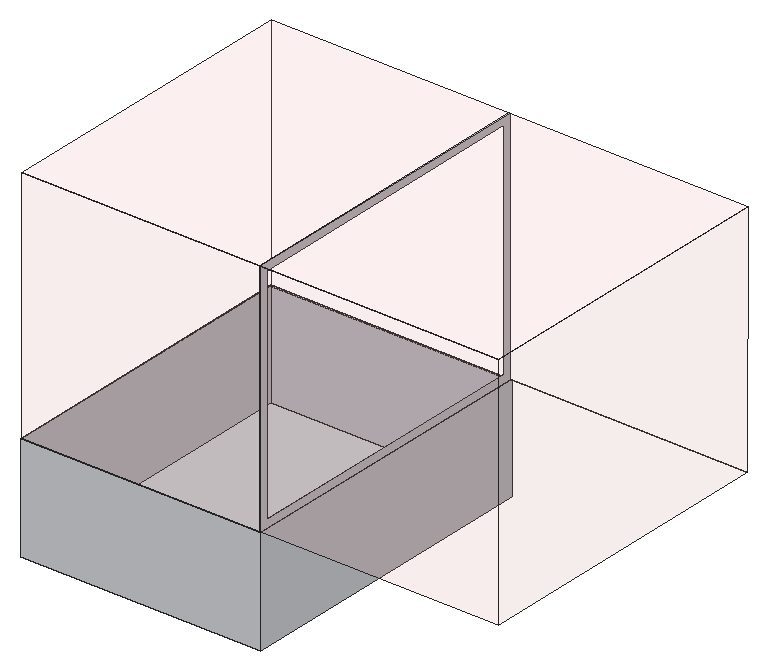
Revit family "Hager-PEDRO-Surface_mounted-IP66-With_Cover-With_DIN-Hosted-IT-it", category Electrical Equipment, host Face, Revit 2023
Family settings
  Host = Face
  Panel Configuration = Two Columns, Circuits Across
  Round Connector Dimension = Use Diameter
  Part Type = Panelboard
  Cut with Voids When Loaded = No
  Maintain Annotation Orientation = Yes
  Shared = No
  Room Calculation Point = No
Parameters (values of type "PEDRO-Surface_mounted_W810_H1056_D355_38_Modular_Spacing-B04727")
  Width Control [instance] = if([HG000006-Flush mounted-it], if([EF000846 - Larghezza di montaggio] > min_whd, [EF000846 - Larghezza di montaggio], min_whd), if([EF000008 - Larghezza] > min_whd, ([EF000008 - Larghezza]), min_whd))  # 810 mm
  Void Depth [instance] = if([HG000006-Flush mounted-it], Depth Control, 1 mm)  # 1 mm
  Uniformat code = "D501001"
  Uniformat = "Low Tension Service & Dist."
  HGEF0002950-Numero moduli DIN = 38
  HGEF000266-Numero di file = 5
  HG000131 - Functional label [instance] = ""
  HG000130 - Functional name [instance] = ""
  Type Comments = ""
  System Height [instance] = Height Control - 2 * [HG000005-Thickness-it]  # 1052 mm
  Reference description = ""
  Reference = "PEDRO-Surface_mounted_W810_H1056_D355_38_Modular_Spacing-B04727"
  Object type = ""
  Name hager = "ADD_Enclosures_EC000214"
  Name BIM&CO = "Electricity"
  Name = "Hager-PEDRO-Surface_mounted-IP66-With_Cover-With_DIN-NoHosted-IT-it"
  Model = ""
  HG000099-Onfly Template ID-it-IT = "507532"
  HG000060-RAL-number = "7035"
  HG000059-Operating voltage-it-IT [instance] = 230 V
  HG000017-Distance between poles-it = 18 mm
  HG000016-Door 3D visibility-it = yes
  HG000015-Clearance visibility-it = yes
  HG000014-Door on the right-it = yes
  HG000013-Door on the left-it = no
  HG000012-Door swing angle-it = 90.00°
  HG000011-Empty rows from bottom-it = no
  HG000010-Asymmetric doors-it = no
  HG000009-Double swing door-it = no
  HG000008-Number of empty rows-it = 0
  HG000007-Number of empty columns-it = 0
  HG000006-Flush mounted-it = no
  HG000005-Thickness-it = 2 mm
  HG000004-Manufacturer reference-it = "B04727"
  HG000003-Range-it = "PEDRO"
  HG000002-with door or cover-it = yes
  HG000001 - Numero di colonne = 0
  GTIN (Global Trade Item Number) = ""
  ETIM class name = "Small distribution board"
  ETIM class code = "EC000214"
  EF015941 - Segnale di passaggio porta = no
  EF015777 - Morsettiera neutra = no
  EF015776 - Morsettiera di terra = no
  EF009212 - Esecuzione coperchio = "Chiuso"
  EF006306 - Con serratura = yes
  EF006244 - Coperchio/porta trasparente = yes
  EF005474 - Grado di protezione (IP) = "IP66"
  EF004464 - Tipo di porta = ""
  EF004462 - Tipo di chiusura = "Altro"
  EF002950 - Numero moduli DIN = 38
  EF001596 - Materiale del corpo = ""
  EF001134 - Barra DIN = yes
  EF001131 - Profondità interna = 0 mm
  EF001088 - Possibilità di applicazione = yes
  EF001062 - Esecuzione EMC = yes
  EF000846 - Larghezza di montaggio = 0 mm
  EF000339 - Tipo di copertura = ""
  EF000332 - Altezza della parte incassata = 0 mm
  EF000266 - Numero di file = 5
  EF000218 - Profondità di incasso = 0 mm
  EF000118 - Con piastra di montaggio = no
  EF000116 - Numero RAL = 7035
  EF000049 - Profondità = 355 mm
  EF000040 - Altezza = 1056 mm
  EF000024 - Resistente ai raggi UV = no
  EF000008 - Larghezza = 810 mm
  EF000007 - Colore = "Grigio"
  EF000003 - Tipo di montaggio = "A parete"
  Creation Date = "12/15/2025 11:45:59"
  Code hager = "ADD-EC000214_EU"
  BIM&CO code = ""
  BC_VARIANT_ID = "1169500"
  BC_OBJECT_VERSION = "#6"  # constant formula
  BC_OBJECT_ID = "512275"  # constant formula
  BC_MODEL_ID = "1539150"  # constant formula
  Arrow Offset [instance] = Depth Control / 8  # 44.375 mm
  Arrow Height [instance] = Depth Control - Arrow Offset  # 310.625 mm
  Host Offset [instance] = if([HG000006-Flush mounted-it], 0 mm, [EF000049 - Profondità])  # 355 mm
  min_whd [instance] = (2 * [HG000005-Thickness-it]) + 1 mm  # 5 mm
  Manufacturer = "Hager"  # constant formula
  Height Control [instance] = if([HG000006-Flush mounted-it], if([EF000332 - Altezza della parte incassata] > min_whd, [EF000332 - Altezza della parte incassata], min_whd), if([EF000040 - Altezza] > min_whd, ([EF000040 - Altezza]), min_whd))  # 1056 mm
  Flush Mounted - Door Frame Width [instance] = if(([EF000040 - Altezza] - [EF000332 - Altezza della parte incassata]) > 0 mm, if([HG000006-Flush mounted-it], [EF000040 - Altezza] - [EF000332 - Altezza della parte incassata], 0 mm), 0 mm)  # 0 mm
  Depth Control [instance] = if([HG000006-Flush mounted-it], if([EF000218 - Profondità di incasso] > 0 mm, [EF000218 - Profondità di incasso], 1 mm), if([EF000049 - Profondità] > 0 mm, ([EF000049 - Profondità]), 1 mm))  # 355 mm
  Default Elevation = 0 mm
Types (26, lengths in mm): name | Width Control | HGEF0002950-Numero moduli DIN | HGEF000266-Numero di file | System Height | Reference | HG000004-Manufacturer reference-it | HG000001 - Numero di colonne | EF006244 - Coperchio/porta trasparente | EF002950 - Numero moduli DIN | EF000266 - Numero di file | EF000049 - Profondità | EF000040 - Altezza | EF000008 - Larghezza | BC_VARIANT_ID | Arrow Offset | Arrow Height | Host Offset | Height Control | Depth Control
  PEDRO-Surface_mounted_W265_H303_D167_0_Modular_Spacing-B04601 | 265 | 0 | 0 | 299 | "PEDRO-Surface_mounted_W265_H303_D167_0_Modular_Spacing-B04601" | "B04601" | 0 | no | 0 | 0 | 167 | 303 | 265 | "1169454" | 20.875 | 146.125 | 167 | 303 | 167
  PEDRO-Surface_mounted_W325_H428_D178_12_Modular_Spacing-B04602 | 325 | 12 | 3 | 424 | "PEDRO-Surface_mounted_W325_H428_D178_12_Modular_Spacing-B04602" | "B04602" | 1 | no | 12 | 3 | 178 | 428 | 325 | "1169455" | 22.25 | 155.75 | 178 | 428 | 178
  PEDRO-Surface_mounted_W433.5_H504_D210_18_Modular_Spacing-B04603 | 433.5 | 18 | 3 | 500 | "PEDRO-Surface_mounted_W433.5_H504_D210_18_Modular_Spacing-B04603" | "B04603" | 1 | no | 18 | 3 | 210 | 504 | 433.5 | "1169457" | 26.25 | 183.75 | 210 | 504 | 210
  PEDRO-Surface_mounted_W433.5_H654_D210_18_Modular_Spacing-B04604 | 433.5 | 18 | 4 | 650 | "PEDRO-Surface_mounted_W433.5_H654_D210_18_Modular_Spacing-B04604" | "B04604" | 1 | no | 18 | 4 | 210 | 654 | 433.5 | "1169459" | 26.25 | 183.75 | 210 | 654 | 210
  PEDRO-Surface_mounted_W543_H654_D265_24_Modular_Spacing-B04605 | 543 | 24 | 4 | 650 | "PEDRO-Surface_mounted_W543_H654_D265_24_Modular_Spacing-B04605" | "B04605" | 1 | no | 24 | 4 | 265 | 654 | 543 | "1169461" | 33.125 | 231.875 | 265 | 654 | 265
  PEDRO-Surface_mounted_W615.4_H806_D318.7_28_Modular_Spacing-B04606 | 615.4 | 28 | 5 | 802 | "PEDRO-Surface_mounted_W615.4_H806_D318.7_28_Modular_Spacing-B04606" | "B04606" | 1 | no | 28 | 5 | 318.7 | 806 | 615.4 | "1169462" | 39.837 | 278.862 | 318.7 | 806 | 318.7
  PEDRO-Surface_mounted_W810_H1056_D355_38_Modular_Spacing-B04608 | 810 | 38 | 5 | 1052 | "PEDRO-Surface_mounted_W810_H1056_D355_38_Modular_Spacing-B04608" | "B04608" | 1 | no | 38 | 5 | 355 | 1056 | 810 | "1169464" | 44.375 | 310.625 | 355 | 1056 | 355
  PEDRO-Surface_mounted_W265_H303_D167_0_Modular_Spacing-B04621 | 265 | 0 | 0 | 299 | "PEDRO-Surface_mounted_W265_H303_D167_0_Modular_Spacing-B04621" | "B04621" | 0 | yes | 0 | 0 | 167 | 303 | 265 | "1169465" | 20.875 | 146.125 | 167 | 303 | 167
  PEDRO-Surface_mounted_W325_H428_D183_12_Modular_Spacing-B04622 | 325 | 12 | 3 | 424 | "PEDRO-Surface_mounted_W325_H428_D183_12_Modular_Spacing-B04622" | "B04622" | 1 | yes | 12 | 3 | 183 | 428 | 325 | "1169466" | 22.875 | 160.125 | 183 | 428 | 183
  PEDRO-Surface_mounted_W434_H504_D210_18_Modular_Spacing-B04623 | 434 | 18 | 3 | 500 | "PEDRO-Surface_mounted_W434_H504_D210_18_Modular_Spacing-B04623" | "B04623" | 1 | yes | 18 | 3 | 210 | 504 | 434 | "1169468" | 26.25 | 183.75 | 210 | 504 | 210
  PEDRO-Surface_mounted_W434_H654_D210_18_Modular_Spacing-B04624 | 434 | 18 | 4 | 650 | "PEDRO-Surface_mounted_W434_H654_D210_18_Modular_Spacing-B04624" | "B04624" | 1 | yes | 18 | 4 | 210 | 654 | 434 | "1169470" | 26.25 | 183.75 | 210 | 654 | 210
  PEDRO-Surface_mounted_W543_H654_D265_24_Modular_Spacing-B04625 | 543 | 24 | 4 | 650 | "PEDRO-Surface_mounted_W543_H654_D265_24_Modular_Spacing-B04625" | "B04625" | 1 | yes | 24 | 4 | 265 | 654 | 543 | "1169471" | 33.125 | 231.875 | 265 | 654 | 265
  PEDRO-Surface_mounted_W616_H806_D319_28_Modular_Spacing-B04626 | 616 | 28 | 5 | 802 | "PEDRO-Surface_mounted_W616_H806_D319_28_Modular_Spacing-B04626" | "B04626" | 1 | yes | 28 | 5 | 319 | 806 | 616 | "1169473" | 39.875 | 279.125 | 319 | 806 | 319
  PEDRO-Surface_mounted_W810_H1056_D355_38_Modular_Spacing-B04628 | 810 | 38 | 5 | 1052 | "PEDRO-Surface_mounted_W810_H1056_D355_38_Modular_Spacing-B04628" | "B04628" | 1 | yes | 38 | 5 | 355 | 1056 | 810 | "1169476" | 44.375 | 310.625 | 355 | 1056 | 355
  PEDRO-Surface_mounted_W325_H428_D183_12_Modular_Spacing-B04712 | 325 | 12 | 3 | 424 | "PEDRO-Surface_mounted_W325_H428_D183_12_Modular_Spacing-B04712" | "B04712" | 1 | no | 12 | 3 | 183 | 428 | 325 | "1169478" | 22.875 | 160.125 | 183 | 428 | 183
  PEDRO-Surface_mounted_W434_H504_D210_18_Modular_Spacing-B04713 | 434 | 18 | 3 | 500 | "PEDRO-Surface_mounted_W434_H504_D210_18_Modular_Spacing-B04713" | "B04713" | 0 | no | 18 | 3 | 210 | 504 | 434 | "1169480" | 26.25 | 183.75 | 210 | 504 | 210
  PEDRO-Surface_mounted_W434_H650_D210_18_Modular_Spacing-B04714 | 434 | 18 | 4 | 646 | "PEDRO-Surface_mounted_W434_H650_D210_18_Modular_Spacing-B04714" | "B04714" | 0 | no | 18 | 4 | 210 | 650 | 434 | "1169482" | 26.25 | 183.75 | 210 | 650 | 210
  PEDRO-Surface_mounted_W543_H654_D265_24_Modular_Spacing-B04715 | 543 | 24 | 4 | 650 | "PEDRO-Surface_mounted_W543_H654_D265_24_Modular_Spacing-B04715" | "B04715" | 0 | no | 24 | 4 | 265 | 654 | 543 | "1169484" | 33.125 | 231.875 | 265 | 654 | 265
  PEDRO-Surface_mounted_W616_H806_D319_28_Modular_Spacing-B04716 | 616 | 28 | 5 | 802 | "PEDRO-Surface_mounted_W616_H806_D319_28_Modular_Spacing-B04716" | "B04716" | 0 | no | 28 | 5 | 319 | 806 | 616 | "1169486" | 39.875 | 279.125 | 319 | 806 | 319
  PEDRO-Surface_mounted_W810_H1056_D355_38_Modular_Spacing-B04717 | 810 | 38 | 5 | 1052 | "PEDRO-Surface_mounted_W810_H1056_D355_38_Modular_Spacing-B04717" | "B04717" | 0 | no | 38 | 5 | 355 | 1056 | 810 | "1169488" | 44.375 | 310.625 | 355 | 1056 | 355
  PEDRO-Surface_mounted_W325_H428_D183_12_Modular_Spacing-B04722 | 325 | 12 | 3 | 424 | "PEDRO-Surface_mounted_W325_H428_D183_12_Modular_Spacing-B04722" | "B04722" | 1 | yes | 12 | 3 | 183 | 428 | 325 | "1169490" | 22.875 | 160.125 | 183 | 428 | 183
  PEDRO-Surface_mounted_W434_H504_D210_18_Modular_Spacing-B04723 | 434 | 18 | 3 | 500 | "PEDRO-Surface_mounted_W434_H504_D210_18_Modular_Spacing-B04723" | "B04723" | 0 | yes | 18 | 3 | 210 | 504 | 434 | "1169492" | 26.25 | 183.75 | 210 | 504 | 210
  PEDRO-Surface_mounted_W434_H654_D210_18_Modular_Spacing-B04724 | 434 | 18 | 4 | 650 | "PEDRO-Surface_mounted_W434_H654_D210_18_Modular_Spacing-B04724" | "B04724" | 0 | yes | 18 | 4 | 210 | 654 | 434 | "1169494" | 26.25 | 183.75 | 210 | 654 | 210
  PEDRO-Surface_mounted_W543_H654_D265_24_Modular_Spacing-B04725 | 543 | 24 | 4 | 650 | "PEDRO-Surface_mounted_W543_H654_D265_24_Modular_Spacing-B04725" | "B04725" | 0 | yes | 24 | 4 | 265 | 654 | 543 | "1169496" | 33.125 | 231.875 | 265 | 654 | 265
  PEDRO-Surface_mounted_W616_H806_D319_28_Modular_Spacing-B04726 | 616 | 28 | 5 | 802 | "PEDRO-Surface_mounted_W616_H806_D319_28_Modular_Spacing-B04726" | "B04726" | 0 | yes | 28 | 5 | 319 | 806 | 616 | "1169498" | 39.875 | 279.125 | 319 | 806 | 319
  PEDRO-Surface_mounted_W810_H1056_D355_38_Modular_Spacing-B04727 | 810 | 38 | 5 | 1052 | "PEDRO-Surface_mounted_W810_H1056_D355_38_Modular_Spacing-B04727" | "B04727" | 0 | yes | 38 | 5 | 355 | 1056 | 810 | "1169500" | 44.375 | 310.625 | 355 | 1056 | 355
Reference planes
  plane 1 "Center (Front/Back)": y = 0
  plane 2: z = 0
  plane 3 "Center (Left/Right)": x = 0
  plane 4: z = 355
  plane 5: y = 2
  plane 6: z = 350
  plane 7: y = 528
  plane 8: y = 0
  plane 9: y = 1056
  plane 10: z = 0
  plane 11: x = -405
  plane 12: x = 405
  plane 13: x = 403
  plane 14: x = -403
  plane 15: y = 1054
  plane 16: z = 2
  plane 17: z = 353
  plane 18: z = -1
  plane 19: z = 353
  plane 20 "Annotation H": y = -100
  plane 21 "Annotation V": x = 705
Forms (mm)
  Extrusion 1, solid
    sketch origin (-583.045, 0, 1219.2) x (-1, 0, 0) y (0, 0, 1)
      loop
        line (-178.045, -864.2) -> (-988.045, -864.2) -> (-988.045, -1219.2) -> (-178.045, -1219.2) -> (-178.045, -864.2)
    from 0 to 1056 <- "Height Control"
  Extrusion 2, void
    sketch origin (-381.607, -4572, 355) x (0, -1, 0) y (-1, 0, 0)
      loop
        line (-5626, 21.393) -> (-5626, -784.607) -> (-4574, -784.607) -> (-4574, 21.393) -> (-5626, 21.393)
    from 0 to 353
  Extrusion 3, void
    sketch origin (0, 0, 0) x (1, 0, 0) y (0, 1, 0)
      loop
        line (-405, 0) -> (405, 0) -> (405, 1056) -> (-405, 1056) -> (-405, 0)
    from -1 to 1
  Extrusion 4, solid, detail levels coarse+medium
    sketch origin (-381.607, -4572, 355) x (-1, 0, 0) y (0, -1, 0)
      loop
        line (21.393, -5626) -> (21.393, -4574) -> (-784.607, -4574) -> (-784.607, -5626) -> (21.393, -5626)
    from 0 to -2
Cuts and joins
  Extrusion 2 cuts Extrusion 1
Dimensions and locks
  plane 4 to plane 6 = 5 mm
  "Host Offset": plane 4 to host face
  "Flush Mounted - Door Frame Width": plane 1 "Center (Front/Back)" to plane 8
  "HG000005-Thickness-it": plane 5 to plane 8
  locked: connector elem to plane 3 "Center (Left/Right)"
  "Height Control": plane 9 to plane 8
  equal spacing: plane 9, plane 7, plane 8
  locked: connector elem to plane 7
  "Depth Control": plane 4 to plane 10
  "HG000005-Thickness-it": plane 11 to plane 14
  "HG000005-Thickness-it": plane 12 to plane 13
  equal spacing: plane 11, plane 3 "Center (Left/Right)", plane 12
  "Width Control": plane 11 to plane 12
  "Arrow Offset": nested 4 to plane 10
  "HG000005-Thickness-it": plane 9 to plane 15
  "HG000005-Thickness-it": plane 16 to plane 10
  "HG000005-Thickness-it": plane 4 to plane 17
  "Void Depth": plane 2 to plane 18
  "HG000005-Thickness-it": plane 4 to plane 19
  locked: plane 20 "Annotation H" to plane 1 "Center (Front/Back)" at 100
  locked: plane 12 to plane 21 "Annotation V" at 300
  aligned and locked: plane 2 to host face
  aligned and locked: level to host face
  aligned and locked: plane 3 "Center (Left/Right)" to nested 2
  aligned and locked: nested 2 to plane 4
  aligned and locked: nested 2 to plane 8
  aligned and locked: nested 1 to plane 6
  aligned and locked: nested 1 to plane 5
  aligned and locked: nested 4 to plane 11
  aligned and locked: nested 3 to plane 4
  aligned and locked: Extrusion 1 sketch curve to plane 12
  aligned and locked: Extrusion 1 sketch curve to plane 11
  aligned and locked: nested 3 to plane 10
  aligned and locked: plane 10 to Extrusion 1 sketch curve
  aligned and locked: Extrusion 2 sketch curve to plane 5
  aligned and locked: Extrusion 2 sketch curve to plane 15
  aligned and locked: Extrusion 2 sketch curve to plane 14
  aligned and locked: Extrusion 2 sketch curve to plane 13
  aligned and locked: plane 11 to Extrusion 3 sketch curve
  aligned and locked: plane 9 to Extrusion 3 sketch curve
  aligned and locked: Extrusion 3 sketch curve to plane 8
  aligned and locked: plane 12 to Extrusion 3 sketch curve
  aligned and locked: nested 3 to plane 12
  aligned and locked: Extrusion 3 to plane 18
  aligned and locked: Extrusion 2 to plane 16
  aligned and locked: Extrusion 1 sketch curve to plane 4
  aligned and locked: Extrusion 4 to plane 17
  aligned and locked: Extrusion 4 sketch curve to plane 15
  aligned and locked: Extrusion 4 sketch curve to plane 13
  aligned and locked: Extrusion 4 sketch curve to plane 14
  aligned and locked: Extrusion 4 sketch curve to plane 5
  aligned and locked: nested 5 to plane 21 "Annotation V"
  aligned and locked: plane 20 "Annotation H" to nested 5
Automatic sketch dimensions
  host sketch curve to host sketch curve = 1469.727 mm
  host sketch curve to host sketch curve = 1434.803 mm
Nested families
  nested 1: "Hager_Enclosure_System" at (0, 2, 350) x (1, 0, 0) z (0, 1, 0), Height <- "System Height", Width_Control <- "Width Control", Built-in_Width <- "EF000846 - Larghezza di montaggio", Width <- "EF000008 - Larghezza", Depth <- "HG000005-Thickness-it", Border <- "HG000005-Thickness-it", Distance_Between_Poles <- "HG000017-Distance between poles-it", Flush_Mounted <- "HG000006-Flush mounted-it", Empty_Columns <- "HG000007-Number of empty columns-it", Total_No_Empty_Rows <- "HG000008-Number of empty rows-it", Empty_Rows_From_Bottom <- "HG000011-Empty rows from bottom-it", Columns_Count <- "HG000001 - Numero di colonne", Rows_Count <- "HGEF000266-Numero di file", Row_Module_Multiplicator <- "HGEF0002950-Numero moduli DIN", type "Hager_Enclosure_System", detail levels fine
    with Width_Control 810 mm, Width 810 mm, Total_No_Rows 5, Total_No_Empty_Rows 0, Total_No_Columns 1, System_Width 806 mm, Rows_Count 5, Rows_Column 5, Row_Module_Multiplicator 38, Panel_4 no, Panel_3 no, Panel_2 no, Panel_1 no, No_Panels_Ctrl 1, Hide_Columns yes, Height 1052 mm, Flush_Mounted no, Empty_Rows_From_Bottom no, Empty_Rows_Column 0, Empty_Columns 0, Empty column 4 0, Empty column 3 0, Empty column 2 0, Empty column 1 0, Distance_Between_Poles 18 mm, Depth 2 mm, Columns_Count 0, Column_Width 806 mm, Built-in_Width 0 mm, Border 2 mm
  nested 2: "Hager_Enclosure_Door" at (0, 0, 355) x (1, 0, 0) z (0, 1, 0), Height_Ctrl <- "Height Control", Width_Ctrl <- "Width Control", BuiltIn_Depth <- "EF000218 - Profondità di incasso", Depth <- "EF000049 - Profondità", BuiltIn_Width <- "EF000846 - Larghezza di montaggio", Height <- "EF000040 - Altezza", BuiltIn_Height <- "EF000332 - Altezza della parte incassata", Width <- "EF000008 - Larghezza", Transparent <- "EF006244 - Coperchio/porta trasparente", Border <- "HG000005-Thickness-it", Door <- "HG000002-with door or cover-it", Flush_Mounted <- "HG000006-Flush mounted-it", Double <- "HG000009-Double swing door-it", Assymetrical <- "HG000010-Asymmetric doors-it", Angle <- "HG000012-Door swing angle-it", Door_Left <- "HG000013-Door on the left-it", Door_Right <- "HG000014-Door on the right-it", Clearance <- "HG000015-Clearance visibility-it", 3d_Door <- "HG000016-Door 3D visibility-it", type "Hager_Enclosure_Door", detail levels medium+fine
    with min_wh 5 mm, Width_Ctrl 810 mm, Width 810 mm, Transparent_Door_No_Bottom_Border no, Transparent yes, Leaf_Width 803 mm, Leaf_Tolerance 1.5 mm, Leaf_Height 1049 mm, Leaf_2_Width 803 mm, Leaf_2_Offset 401.5 mm, Leaf_1_Width 803 mm, Leaf_1_Offset 401.5 mm, Height_Ctrl 1056 mm, Height 1056 mm, Frame_Width_Ctrl 810 mm, Frame_Width 810 mm, Frame_Internal_Offset 0 mm, Frame_Height_Ctrl 1056 mm, Frame_Height 1056 mm, Frame_Depth_Ctrl 1 mm, Frame_Depth 0 mm, Flush_Mounted no, Double_Clearance_Ctrl no, Double no, Door_Right_Ctrl yes, Door_Right yes, Door_Left_Ctrl no, Door_Left no, Door yes, Depth 355 mm, Clearance_Depth 803 mm, Clearance_Ctrl yes, Clearance yes, BuiltIn_Width 0 mm, BuiltIn_Height 0 mm, BuiltIn_Depth 0 mm, Border 2 mm, Assymetrical no, Angle 90.00°, 3d_Door yes
  nested 3: "Hager_Enclosure_Symbol_Triangle" at (-405, 0, 0) x (1, 0, 0) z (0, -1, 0), Depth <- "Depth Control", Width <- "Width Control", type "Hager_Enclosure_Symbol_Triangle"
    with Width_Ctrl 810 mm, Width 810 mm, Depth_Ctrl 355 mm, Depth 355 mm
  nested 4: "Hager_Enclosure_Symbol_Arrow" at (-405, 0, 44.375) x (1, 0, 0) z (0, -1, 0), Height <- "Arrow Height", type "Hager_Enclosure_Symbol_Arrow"
    with Width_Inside 23.297 mm, Width 279.563 mm, Height_Ctrl 310.625 mm, Height 310.625 mm
  nested 5: "Hager_Annotation-HG000130" at (705, -100, 0) x (-1, 0, 0) z (0, 0, 1), HG000130 - Functional name <- "HG000130 - Functional name", type "Hager_Annotation-HG000130"
    with HG000130 - Functional name ""
Connectors
  electrical at (0, 528, 0)
    settings: on plane 10, index 1, voltage 0 V, apparent load 0 VA, apparent load phase1 0 VA, apparent load phase2 0 VA, apparent load phase3 0 VA, power factor 1, load classification "Other", number of poles 1, system type 30, power factor state 1, is connector primary yes, connector utility no, sub classification motor no, connector description ""
Definition of nested family "Hager_Enclosure_Door"
  Parameters (values of type "Hager_Enclosure_Door")
    min_wh [instance] = (2 * Border) + 1 mm  # 11 mm
    Width_Ctrl [instance] = 400 mm
    Width [instance] = 500 mm
    Transparent_Door_No_Bottom_Border [instance] = no
    Transparent [instance] = yes
    Leaf_Width [instance] = if((Width_Ctrl - 2 * Border - 2 * Leaf_Tolerance) > 0 mm, (Width_Ctrl - 2 * Border - 2 * Leaf_Tolerance), min_wh)  # 387 mm
    Leaf_Tolerance [instance] = 1.5 mm  # constant formula
    Leaf_Height [instance] = if((Height_Ctrl - 2 * Border - 2 * Leaf_Tolerance) > 0 mm, (Height_Ctrl - 2 * Border - 2 * Leaf_Tolerance), min_wh)  # 387 mm
    Leaf_2_Width [instance] = if(and(and(Double, Assymetrical), Door_Left), (Leaf_Width / 3) - (Leaf_Tolerance / 2), if(and(and(Double, Assymetrical), Door_Right), (Leaf_Width / 3) * 2 - (Leaf_Tolerance / 2), if(and(Double, not(Assymetrical)), (Leaf_Width / 2) - Leaf_Tolerance, Leaf_Width)))  # 387 mm
    Leaf_2_Offset [instance] = if(and(Double, Assymetrical), Leaf_2_Width / 2, if(and(Double, not(Assymetrical)), Leaf_Width / 4, Leaf_Width / 2))  # 193.5 mm
    Leaf_1_Width [instance] = if(and(and(Double, Assymetrical), Door_Right), (Leaf_Width / 3) - (Leaf_Tolerance / 2), if(and(and(Double, Assymetrical), Door_Left), (Width / 3) * 2 - (Leaf_Tolerance / 2), if(and(Double, not(Assymetrical)), (Leaf_Width / 2) - Leaf_Tolerance, Leaf_Width)))  # 387 mm
    Leaf_1_Offset [instance] = if(and(Double, Assymetrical), Leaf_1_Width / 2, if(and(Double, not(Assymetrical)), Leaf_Width / 4, Leaf_Width / 2))  # 193.5 mm
    Height_Ctrl [instance] = 400 mm
    Height [instance] = 500 mm
    Frame_Width_Ctrl [instance] = if(Frame_Width > 0 mm, Frame_Width, 1 mm)  # 1 mm
    Frame_Width [instance] = Width - BuiltIn_Width  # 0 mm
    Frame_Internal_Offset [instance] = if(Flush_Mounted, Border, 0 mm)  # 5 mm
    Frame_Height_Ctrl [instance] = if(Frame_Height > 0 mm, Frame_Height, 1 mm)  # 1 mm
    Frame_Height [instance] = Height - BuiltIn_Height  # 0 mm
    Frame_Depth_Ctrl [instance] = if(Frame_Depth > 0 mm, Frame_Depth, 1 mm)  # 1 mm
    Frame_Depth [instance] = if(Depth - BuiltIn_Depth > 0 mm, if(Flush_Mounted, Depth - BuiltIn_Depth, 0 mm), 0 mm)  # 0 mm
    Flush_Mounted [instance] = yes
    Double_Clearance_Ctrl [instance] = and(Double, Clearance)  # no
    Double [instance] = no
    Door_Right_Ctrl [instance] = and(or(Door_Right, Double), Door)  # yes
    Door_Right [instance] = yes
    Door_Left_Ctrl [instance] = and(or(Door_Left, Double), Door)  # no
    Door_Left [instance] = no
    Door [instance] = yes
    Depth [instance] = 500 mm
    Default Elevation = 1219.2 mm
    Clearance_Material = none
    Clearance_Depth [instance] = if(Leaf_1_Width > Leaf_2_Width, Leaf_1_Width, Leaf_2_Width)  # 387 mm
    Clearance_Ctrl [instance] = and(not(Double), Clearance)  # yes
    Clearance [instance] = yes
    BuiltIn_Width [instance] = 500 mm
    BuiltIn_Height [instance] = 500 mm
    BuiltIn_Depth [instance] = 500 mm
    Border [instance] = 5 mm
    Assymetrical [instance] = yes
    Angle [instance] = 30.00°
    3d_Door [instance] = yes
  Reference planes
    plane 1 "Center (Front/Back)": y = 0
    plane 2 "Bottom": z = 0
    plane 3 "Center (Left/Right)": x = 0
    plane 4: z = 400
    plane 5: x = -200
    plane 6: x = 200
    plane 7: z = 395
    plane 8: x = -195
    plane 9: z = 5
    plane 10: x = 195
    plane 11: y = 0
    plane 12: z = 6.5
    plane 13: x = -582
    plane 14: y = -387
    plane 15: x = 582
    plane 16: x = 0
    plane 17: x = 0
    plane 18: x = -193.5
    plane 19: x = 193.5
    plane 20: z = 393.5
  Forms (mm)
    Extrusion 1, solid, visible <- "Flush_Mounted"
      sketch origin (0, 0, 0) x (1, 0, 0) y (0, 0, 1)
        loop
          line (195, 5) -> (195, 395) -> (-195, 395) -> (-195, 5) -> (195, 5)
        loop
          line (-201, 401) -> (-201, -1) -> (201, -1) -> (201, 401) -> (-201, 401)
      from 0 to 1 <- "Frame_Depth_Ctrl"
    Extrusion 2, solid, material <- "Clearance_Material", visible <- "Double_Clearance_Ctrl"
      sketch origin (1200, 0, 0) x (1, 0, 0) y (0, 0, -1)
        loop
          line (-1782, -393.5) -> (-618, -393.5) -> (-618, 0) -> (-1782, 0) -> (-1782, -393.5)
      from 0 to -387
  Dimensions and locks
    equal spacing: plane 5, plane 3 "Center (Left/Right)", plane 6
    "Width_Ctrl": plane 5 to plane 6
    "Border": plane 5 to plane 8
    "Border": plane 6 to plane 10
    "Border": plane 9 to level
    "Border": plane 4 to plane 7
    "Height_Ctrl": plane 4 to level
    "Leaf_Tolerance": plane 12 to plane 9
    "Frame_Depth": plane 11 to plane 1 "Center (Front/Back)"
    "Frame_Width_Ctrl": plane 5 to Extrusion 1 sketch curve
    "Frame_Width_Ctrl": plane 6 to Extrusion 1 sketch curve
    "Frame_Width_Ctrl": Extrusion 1 sketch curve to plane 4
    "Frame_Width_Ctrl": plane 2 "Bottom" to Extrusion 1 sketch curve
    "Leaf_1_Offset": plane 18 to plane 16
    "Leaf_2_Offset": plane 17 to plane 19
    "Leaf_1_Width": plane 13 to plane 8
    "Leaf_2_Width": plane 10 to plane 15
    "Clearance_Depth": plane 14 to plane 1 "Center (Front/Back)"
    "Leaf_Tolerance": plane 8 to plane 18
    "Leaf_Tolerance": plane 19 to plane 10
    "Leaf_Tolerance": plane 7 to plane 20
    "Frame_Internal_Offset": plane 5 to Extrusion 1 sketch curve
    "Frame_Internal_Offset": Extrusion 1 sketch curve to plane 2 "Bottom"
    "Frame_Internal_Offset": plane 6 to Extrusion 1 sketch curve
    "Frame_Internal_Offset": plane 4 to Extrusion 1 sketch curve
    aligned and locked: level to plane 2 "Bottom"
    aligned and locked: nested 1 to plane 16
    aligned and locked: nested 2 to plane 17
    aligned and locked: Extrusion 2 to plane 13
    aligned and locked: plane 15 to Extrusion 2
    aligned and locked: Extrusion 2 to plane 14
    aligned and locked: plane 12 to nested 1
    aligned and locked: nested 2 to plane 12
    aligned and locked: Extrusion 2 to plane 11
    aligned and locked: plane 20 to Extrusion 2
    aligned and locked: nested 2 to plane 11
    aligned and locked: nested 1 to plane 11
  Automatic sketch dimensions
    Extrusion 2 sketch curve to level = 0 mm
    plane 5 to Extrusion 2 sketch curve = 382 mm
    plane 6 to Extrusion 2 sketch curve = 382 mm
    Extrusion 2 sketch curve to plane 4 = 6.5 mm
  Nested families
    nested 1: "Hager_Enclosure_Door_Leaf" at (0, 0, 6.5), Width <- "Leaf_1_Width", visible <- "Door_Left_Ctrl", Leaf_Height <- "Leaf_Height", Angle <- "Angle", Depth <- "Border", 3d_Door <- "3d_Door", Transparent <- "Transparent", Clearance Material <- "Clearance_Material", Clearance <- "Clearance_Ctrl", Transparent_Door_No_Bottom_Border <- "Transparent_Door_No_Bottom_Border", type "Hager_Enclosure_Door_Leaf"
      with Width 387 mm, Transparent_Door_No_Bottom_Border no, Transparent_Door_Border_Bottom_Top 25 mm, Transparent_Door_Border 25 mm, Transparent_Ctrl yes, Transparent yes, Standard no, Leaf_Height 387 mm, Glass_Offset 1 mm, Depth 5 mm, Clearance Material none, Clearance yes, Angle_Ctrl 30.00°, Angle 30.00°, 3d_Door yes
    nested 2: "Hager_Enclosure_Door_Leaf" at (0, 0, 6.5) x (-1, 0, 0) z (0, 0, 1), Width <- "Leaf_2_Width", visible <- "Door_Right_Ctrl", Leaf_Height <- "Leaf_Height", Angle <- "Angle", Depth <- "Border", 3d_Door <- "3d_Door", Transparent <- "Transparent", Clearance Material <- "Clearance_Material", Clearance <- "Clearance_Ctrl", Transparent_Door_No_Bottom_Border <- "Transparent_Door_No_Bottom_Border", type "Hager_Enclosure_Door_Leaf"
      with Width 387 mm, Transparent_Door_No_Bottom_Border no, Transparent_Door_Border_Bottom_Top 25 mm, Transparent_Door_Border 25 mm, Transparent_Ctrl yes, Transparent yes, Standard no, Leaf_Height 387 mm, Glass_Offset 1 mm, Depth 5 mm, Clearance Material none, Clearance yes, Angle_Ctrl 30.00°, Angle 30.00°, 3d_Door yes
  Definition of nested family "Hager_Enclosure_Door_Leaf"
    Parameters (values of type "Hager_Enclosure_Door_Leaf")
      Width [instance] = 2000 mm
      Transparent_Door_No_Bottom_Border [instance] = yes
      Transparent_Door_Border_Bottom_Top [instance] = if(Transparent_Door_No_Bottom_Border, 0.1 mm, Transparent_Door_Border)  # 0.1 mm
      Transparent_Door_Border [instance] = if(Transparent_Door_No_Bottom_Border, (Width * 0.12), 25 mm)  # 240 mm
      Transparent_Ctrl [instance] = and(Transparent, [3d_Door])  # yes
      Transparent [instance] = yes
      Standard [instance] = and(not(Transparent), [3d_Door])  # no
      Leaf_Height [instance] = 2720.336 mm
      Glass_Offset [instance] = if((Depth - 10 mm) / 2 > 0 mm, (Depth - 10 mm) / 2, 1 mm)  # 15 mm
      Glass_Material = none
      Depth [instance] = 40 mm
      Default Elevation = 0 mm
      Clearance Material [instance] = none
      Clearance [instance] = yes
      Angle_Ctrl [instance] = if(Angle > 170.00°, 170.00°, Angle)  # 45.00°
      Angle [instance] = 45.00°
      3d_Door [instance] = yes
    Reference planes
      plane 1 "Center (Front/Back)": y = 0
      plane 2: z = 0
      plane 3 "Center (Left/Right)": x = 0
      plane 4: y = 2000
      plane 5: x = -1000
      plane 6: x = 1000
      plane 7: x = -3000
      plane 8: z = 2720.336
      plane 9: z = 0.1
      plane 10: z = 2720.236
      plane 11: x = 760
      plane 12: x = -760
    Forms (mm)
      Extrusion 1, solid, material <- "Clearance Material", visible <- "Clearance"
        sketch origin (0, 0, 0) x (1, 0, 0) y (0, 0, 1)
          loop
            line (-3000, 2720.336) -> (-3000, 0) -> (1000, 0) -> (1000, 2720.336) -> (-3000, 2720.336)
        from 0 to -2000
      Extrusion 2, solid, visible <- "Standard", detail levels medium+fine
        sketch origin (-1000, 0, 0) x (0.707107, 0.707107, 0) y (-0.707107, 0.707107, 0)
          loop
            line (0, -40) -> (2000, -40) -> (2000, 0) -> (0, 0) -> (0, -40)
        from 0 to 2720.336 <- "Leaf_Height"
      Extrusion 3, solid, visible <- "Transparent_Ctrl", detail levels medium+fine
        sketch origin (-1000, 0, 0) x (0.707107, 0.707107, 0) y (-0.707107, 0.707107, 0)
          loop
            line (0, -40) -> (2000, -40) -> (2000, 0) -> (0, 0) -> (0, -40)
        from 0 to 2720.336 <- "Leaf_Height"
      Extrusion 4, void, detail levels medium+fine
        sketch origin (-1000, 0, 0) x (-0.707107, 0.707107, 0) y (0.707107, 0.707107, 0)
          loop
            line (0, 240) -> (0, 1760) -> (-40, 1760) -> (-40, 240) -> (0, 240)
        from -2720.236 to -0.1
      Extrusion 5, solid, material <- "Glass_Material", visible <- "Transparent_Ctrl", detail levels medium+fine
        sketch origin (-1000, 0, 0) x (0.707107, 0.707107, 0) y (-0.707107, 0.707107, 0)
          loop
            line (240, -15) -> (240, -25) -> (1760, -25) -> (1760, -15) -> (240, -15)
        from 0.1 to 2720.236
    Cuts and joins
      Extrusion 4 cuts Extrusion 3
    Lines and regions (mm)
      symbolic lines
        curve 1: line (1000, 0, 0) -> (-3000, 0, 0)
        curve 2: arc (1000, 0, 0) -> (-1000, 2000, 0) -> (-3000, 0, 0) r 2000
        curve 4: line (-1000, 0, 0) -> (414.214, 1414.214, 0)
      reference lines
        curve 3: line (-1000, 0, 0) -> (414.214, 1414.214, 0)
      symbolic lines, detail levels medium+fine
        curve 5: line (414.214, 1414.214, 0) -> (442.498, 1385.929, 0)
        curve 6: line (442.498, 1385.929, 0) -> (-971.716, -28.284, 0)
        curve 7: line (-971.716, -28.284, 0) -> (-1000, 0, 0)
        curve 8: line (-1000, 0, 2720.336) -> (1000, 0, 2720.336)
        curve 9: line (-1000, 0, 0) -> (-1000, 0, 2720.336)
        curve 10: line (1000, 0, 0) -> (-1000, 0, 0)
        curve 11: line (1000, 0, 2720.336) -> (1000, 0, 0)
      symbolic lines, visible <- "Transparent_Ctrl", detail levels medium+fine
        curve 12: line (-760, 0, 2720.236) -> (760, 0, 2720.236)
        curve 13: line (-760, 0, 0.1) -> (-760, 0, 2720.236)
        curve 14: line (760, 0, 0.1) -> (-760, 0, 0.1)
        curve 15: line (760, 0, 2720.236) -> (760, 0, 0.1)
    Dimensions and locks
      "Width": plane 1 "Center (Front/Back)" to plane 4
      equal spacing: plane 5, plane 3 "Center (Left/Right)", plane 6
      "Width": plane 5 to plane 6
      "Width": plane 7 to plane 5
      "Leaf_Height": plane 8 to level
      "Depth": curve 6 to curve 3
      "Width": curve 5 to curve 3
      "Width": curve 3 to curve 3
      "Transparent_Door_Border": Extrusion 4 sketch curve to curve 7
      "Transparent_Door_Border": Extrusion 4 sketch curve to curve 5
      "Transparent_Door_Border_Bottom_Top": plane 8 to plane 10
      "Transparent_Door_Border_Bottom_Top": plane 9 to level
      "Glass_Offset": Extrusion 5 sketch curve to curve 4
      "Glass_Offset": Extrusion 5 sketch curve to curve 6
      "Transparent_Door_Border": Extrusion 5 sketch curve to curve 5
      "Transparent_Door_Border": Extrusion 5 sketch curve to curve 7
      "Transparent_Door_Border": plane 12 to plane 5
      "Transparent_Door_Border": plane 6 to plane 11
      "Angle_Ctrl": angle plane 1 "Center (Front/Back)" to curve 3
      aligned and locked: level to plane 2
      aligned and locked: Extrusion 1 to curve 1
      aligned and locked: plane 6 to Extrusion 1
      aligned and locked: Extrusion 1 to plane 1 "Center (Front/Back)"
      aligned and locked: plane 4 to Extrusion 1
      aligned and locked: plane 8 to Extrusion 1
      aligned and locked: curve 4 to curve 3
      aligned and locked: Extrusion 2 sketch curve to curve 7
      aligned and locked: Extrusion 2 sketch curve to curve 6
      aligned and locked: Extrusion 2 sketch curve to curve 5
      aligned and locked: Extrusion 2 sketch curve to curve 3
      aligned and locked: curve 7 to Extrusion 3 sketch curve
      aligned and locked: Extrusion 3 sketch curve to curve 4
      aligned and locked: Extrusion 3 sketch curve to curve 6
      aligned and locked: Extrusion 3 sketch curve to curve 5
      aligned and locked: curve 4 to Extrusion 4 sketch curve
      aligned and locked: curve 6 to Extrusion 4 sketch curve
      aligned and locked: Extrusion 4 to plane 9
      aligned and locked: Extrusion 4 to plane 10
      aligned and locked: Extrusion 5 to plane 9
      aligned and locked: Extrusion 5 to plane 10
      aligned and locked: curve 8 to plane 8
      aligned and locked: plane 5 to curve 9
      aligned and locked: plane 2 to curve 10
      aligned and locked: curve 11 to plane 6
      aligned and locked: plane 10 to curve 12
      aligned and locked: plane 12 to curve 13
      aligned and locked: curve 14 to plane 9
      aligned and locked: plane 11 to curve 15
    Automatic sketch dimensions
      plane 1 "Center (Front/Back)" to curve 2 = 0 mm
      curve 2 to plane 5 = 0 mm
      Extrusion 1 sketch curve to level = 0 mm
      Extrusion 1 sketch curve to plane 7 = 0 mm
      Extrusion 1 sketch curve to plane 6 = 0 mm
      Extrusion 1 sketch curve to plane 8 = 0 mm
      plane 1 "Center (Front/Back)" to curve 3 = 0 mm
      curve 3 to plane 5 = 0 mm
      curve 7 to curve 3 = 0 mm
Definition of nested family "Hager_Enclosure_Symbol_Triangle"
  Parameters (values of type "Hager_Enclosure_Symbol_Triangle")
    Width_Ctrl [instance] = if(Width > 1 mm, Width, 1 mm)  # 498 mm
    Width [instance] = 498 mm
    Depth_Ctrl [instance] = if(Depth > 1 mm, Depth, 1 mm)  # 72 mm
    Depth [instance] = 72 mm
  Reference planes
    plane 1 "Centre (avant/arrière)": y = 0
    plane 2: z = 0
    plane 3 "Centre (gauche/droite)": x = 0
  Lines and regions (mm)
    Filled region 1, type "Solid_Black", in view "Niveau de réf."
      outline origin (0, 0, 0) x (1, 0, 0) y (0, 1, 0)
        loop
          line (0, 0) -> (498, 0) -> (498, 72) -> (0, 0)
    reference lines, in view "Niveau de réf."
      curve 1: line (-206.153, 72, 0) -> (1083.258, 72, 0)
      curve 2: line (498, 405.456, 0) -> (498, -517.619, 0)
  Dimensions and locks
    "Depth_Ctrl": plane 1 "Centre (avant/arrière)" to curve 1
    "Width_Ctrl": plane 3 "Centre (gauche/droite)" to curve 2
    aligned and locked: curve 1 to Filled region 1 sketch curve
    aligned and locked: Filled region 1 sketch curve to plane 1 "Centre (avant/arrière)"
    aligned and locked: curve 2 to Filled region 1 sketch curve
    aligned and locked: plane 3 "Centre (gauche/droite)" to Filled region 1 sketch curve
    aligned and locked: plane 1 "Centre (avant/arrière)" to Filled region 1 sketch curve
  Automatic sketch dimensions
    curve 1 to plane 3 "Centre (gauche/droite)" = 206.153 mm
    curve 2 to curve 1 = 585.258 mm
    plane 1 "Centre (avant/arrière)" to curve 2 = 517.619 mm
    curve 2 to plane 1 "Centre (avant/arrière)" = 405.456 mm
Definition of nested family "Hager_Enclosure_Symbol_Arrow"
  Parameters (values of type "Hager_Enclosure_Symbol_Arrow")
    Width_Inside [instance] = if(Width / 12 > 2 mm, Width / 12, 2 mm)  # 4.987 mm
    Width [instance] = if(Height_Ctrl * 0.9 > 2 mm, Height_Ctrl * 0.9, 2 mm)  # 59.85 mm
    Height_Ctrl [instance] = if(Height > 2 mm, Height, 2 mm)  # 66.5 mm
    Height [instance] = 66.5 mm
  Reference planes
    plane 1 "Centre (avant/arrière)": y = 0
    plane 2: z = 0
    plane 3 "Centre (gauche/droite)": x = 0
    plane 4: x = 59.85
    plane 5: y = 28.263
    plane 6: y = 38.238
    plane 7: y = 66.5
    plane 8: x = 29.925
    plane 9: y = 33.25
  Lines and regions (mm)
    Filled region 1, type "Solid_Black", in view "Niveau de réf."
      outline origin (0, 0, 0) x (1, 0, 0) y (0, 1, 0)
        loop
          line (59.85, 66.5) -> (37.929, 52.827) -> (51.846, 41.935) -> (59.85, 66.5)
    detail lines, in view "Niveau de réf."
      curve 1: line (0, 0, 0) -> (29.925, 38.238, 0)
      curve 2: line (29.925, 38.238, 0) -> (29.925, 28.263, 0)
      curve 3: line (29.925, 28.263, 0) -> (59.85, 66.5, 0)
  Dimensions and locks
    "Width": plane 3 "Centre (gauche/droite)" to plane 4
    "Height_Ctrl": plane 7 to plane 1 "Centre (avant/arrière)"
    equal spacing: plane 3 "Centre (gauche/droite)", plane 8, plane 4
    equal spacing: plane 7, plane 9, plane 1 "Centre (avant/arrière)"
    equal spacing: plane 6, plane 9, plane 5
    "Width_Inside": plane 6 to plane 9
    equal spacing: curve 3, Filled region 1 sketch curve, Filled region 1 sketch curve
    angle Filled region 1 sketch curve to curve 3 = 20.00°
    angle curve 3 to Filled region 1 sketch curve = 20.00°
    locked: curve 3 to Filled region 1 sketch curve (angle 90.00°)
  Automatic sketch dimensions
    plane 1 "Centre (avant/arrière)" to curve 1 = 0 mm
    curve 1 to plane 3 "Centre (gauche/droite)" = 0 mm
    curve 2 to plane 6 = 0 mm
    curve 3 to plane 8 = 0 mm
    curve 3 to plane 4 = 0 mm
    curve 2 to plane 5 = 0 mm
    curve 3 to plane 7 = 0 mm
    Filled region 1 sketch curve to plane 4 = 0 mm
    Filled region 1 sketch curve to plane 7 = 0 mm
Definition of nested family "Hager_Annotation-HG000130"
  Parameters (values of type "Hager_Annotation-HG000130")
    HG000130 - Functional name [instance] = ""
  Reference planes
    plane 1: y = 0
    plane 2: x = 0
  Lines and regions (mm)
    detail lines
      curve 1: line (-27.5, 10, 0) -> (27.5, 10, 0)
      curve 2: line (-27.5, -10, 0) -> (-27.5, 10, 0)
      curve 3: line (27.5, -10, 0) -> (-27.5, -10, 0)
      curve 4: line (27.5, 10, 0) -> (27.5, -10, 0)
  Text (mm)
    label "HG000130 - Functional name" at (0.16, 0.026, 0), shows "HG000130 - Functional name"
